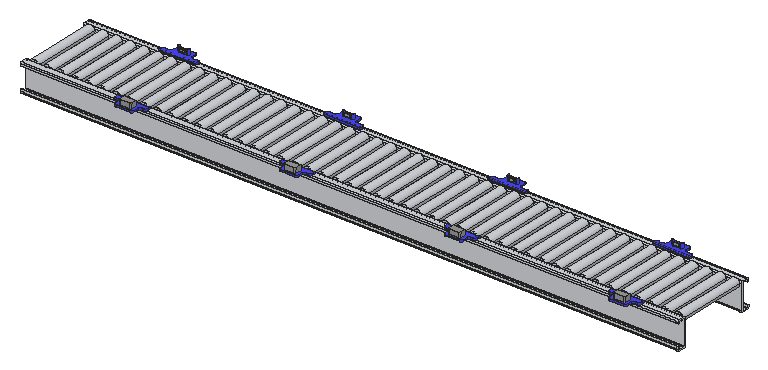
Revit family "C351", category Specialty Equipment, Revit 2025
Family settings
  Round Connector Dimension = Use Diameter
  Part Type = Normal
  Work Plane-Based = No
  Enable Cutting in Views = No
  Always vertical = Yes
  Cut with Voids When Loaded = No
  Maintain Annotation Orientation = No
  Shared = No
  Room Calculation Point = No
Parameters (values of type "C351- 18"")
  Weight [instance] = 0
  Version = ""
  Subsystem [instance] = ""
  Special_Part_Number [instance] = ""
  Special_Description [instance] = ""
  Special_Bed [instance] = no
  Segment [instance] = ""
  SIO_Block_Number [instance] = ""
  SENSOR_ARRY_NUM [instance] = round(CLR_BED_LENGTH / CLR_ZONES)  # 4
  SENSOR_ARRY [instance] = CLR_ZONES + CLR_SENSOR_SKEW  # 4' - 4"
  PHOTO_EYE_ARRAY [instance] = CLR_ZONES + CLR_PhotoEye_SP  # 4' - 0"
  Material_Number [instance] = ""
  MCP [instance] = ""
  Lookup Table Name BCL [instance] = "BOTTOM_COVER_BCL"
  Lookup Table Name BCAN [instance] = "BOTTOM_COVER_ARRAY_NUM"
  Lookup Table Name [instance] = "PHOTO_EYE"
  Load_Envelope_Height [instance] = 1' - 0"
  Load_Envelope [instance] = no
  IO_Block_Number [instance] = ""
  Field_Cut [instance] = no
  Estop_Zone [instance] = ""
  Error_State [instance] = no
  Default Elevation = 0' - 0"
  Conveyor_Number [instance] = "100"
  Conveyor_Elevation_Out [instance] = Conveyor_Elevation_In  # 2' - 6"
  Conveyor_Elevation_In [instance] = 2' - 6"
  CLR_ZONE_CONTROL = "N"
  CLR_ZONES [instance] = 3' - 0"
  CLR_VFD = no
  CLR_TE_POSITION = "N"
  CLR_TAKE_UP_SPRING_QUANTITY = 0
  CLR_TAKE_UP = "N"
  CLR_SUBCLASS = ""
  CLR_SPRING_COVER [instance] = no
  CLR_SPEED_FPM = 0
  CLR_SLAVE_RATIO = "N"
  CLR_SENSOR_SKEW [instance] = size_lookup(Lookup Table Name, "CSS", CLR_PhotoEye_SP, CLR_NOMINAL_WIDTH, CLR_ZONES, CLR_SENSOR_ANGLE)  # 1' - 4"
  CLR_SENSOR_MOUNT [instance] = "Side"
  CLR_SENSOR_HAND [instance] = "Left"
  CLR_SENSOR_ANGLE [instance] = 9.00°
  CLR_ROLLER_NUM [instance] = CLR_BED_LENGTH / CLR_ROLLER_CENTER  # 48
  CLR_ROLLER_CENTER [instance] = 0' - 3"
  CLR_PhotoEye_SP [instance] = if(CLR_ZONES = 3' 0", 1' 0", if(CLR_ZONES = 2' 0", 0' 8", 0' 8"))  # 1' - 0"
  CLR_PULLEY_TYPE = "N"
  CLR_POPOUT_CARRYING_ROLLERS [instance] = no
  CLR_NOMINAL_WIDTH + 1" [instance] = CLR_NOMINAL_WIDTH + 0' 1"  # 1' - 7"
  CLR_NOMINAL_WIDTH  -2.5" [instance] = CLR_NOMINAL_WIDTH - 0' 2 1/2"  # 1' - 3 1/2"
  CLR_NOMINAL_WIDTH [instance] = if(Bed_Width = 1' 6", 1' 6", if(Bed_Width = 2' 0", 2' 0", if(Bed_Width = 2' 6", 2' 6", if(Bed_Width = 3' 0", 3' 0", if(Bed_Width = 3' 6", 3' 6", 1' 6")))))  # 1' - 6"
  CLR_MOTOR_VOLTAGE = "N"
  CLR_MOTOR_TYPE = "N"
  CLR_MOTOR_HP = 0
  CLR_MODULE = ""
  CLR_LIFTER_ROLLER_CENTER [instance] = 0' - 6"
  CLR_FINGER_GUARD [instance] = no
  CLR_DRIVE_TRAIN_TYPE = "N"
  CLR_DRIVE_SIZE = 0
  CLR_CONTROL_VOLTAGE = "N"
  CLR_CONTROL_DEVICE = "N"
  CLR_CONNECTION_KIT = "N"
  CLR_CARRYING_ROLLER [instance] = "Standard\r\nStandard\r\nStandard"
  CLR_BOTTOM_COVERS [instance] = no
  CLR_BED_LENGTH [instance] = if(Bed_Length < 2' 0", 2' 0", if(Bed_Length > 12' 0", 12' 0", Bed_Length))  # 12' - 0"
  CLR_ASSEMBLY_HAND = "N"
  CLR_AIR_BRAKE = 0
  Belting [instance] = if(Bed_Width = 1' 6", 0' 8", if(Bed_Width = 2' 0", 0' 8", if(Bed_Width = 2' 6", 0' 8", if(Bed_Width = 3' 0", 0' 8", if(Bed_Width = 3' 6", 0' 8", 0' 8")))))  # 0' - 8"
  Bed_Width [instance] = 1' - 6"
  Bed_Length [instance] = 12' - 0"
  BOTTOM_COVER_ARRAY_NUM [instance] = size_lookup(Lookup Table Name BCAN, "BCAN", 1, CLR_BED_LENGTH)  # 4
  BOTTOM_COVERS_LOCATION [instance] = BOTTOM_COVERS_LENGTH + BOTTOM_COVERS_LENGTH / 2  # 4' - 6"
  BOTTOM_COVERS_LENGTH [instance] = size_lookup(Lookup Table Name BCL, "BCL", 2' 0", CLR_BED_LENGTH, BOTTOM_COVER_ARRAY_NUM)  # 3' - 0"
  Asset ID [instance] = ""
  Air_Consumption [instance] = 0
Types (5): name | SENSOR_ARRY | CLR_SENSOR_SKEW | CLR_NOMINAL_WIDTH + 1" | CLR_NOMINAL_WIDTH  -2.5" | CLR_NOMINAL_WIDTH | Bed_Width
  C351- 18" | 4' - 4" | 1' - 4" | 1' - 7" | 1' - 3 1/2" | 1' - 6" | 1' - 6"
  C351- 24" | 4' - 4" | 1' - 4" | 2' - 1" | 1' - 9 1/2" | 2' - 0" | 2' - 0"
  C351- 30" | 4' - 6" | 1' - 6" | 2' - 7" | 2' - 3 1/2" | 2' - 6" | 2' - 6"
  C351- 36" | 4' - 6" | 1' - 6" | 3' - 1" | 2' - 9 1/2" | 3' - 0" | 3' - 0"
  C351- 42" | 4' - 8" | 1' - 8" | 3' - 7" | 3' - 3 1/2" | 3' - 6" | 3' - 6"
Reference planes (in)
  plane 1 "Centerline": y = 0
  plane 2: z = 0
  plane 3 "Entry_End": x = 0
  plane 4 "Top_of_Roller": z = 30
  plane 5 "Top_of_SideFrame": z = 29.71
  plane 6 "Bot_of_SideFrame": z = 23.71
  plane 7 "LH_Out": y = 9.5
  plane 8 "RH_Out": y = -9.5
  plane 9 "RH_In": y = -7.75
  plane 10 "LH_In": y = 7.75
  plane 11 "Exit_End": x = 144
  plane 12 "PhotoEye_SP": x = 132
  plane 13 "Sensor_Skew": x = 128
  plane 14: x = 60.81944
  plane 15: y = -38.13976
  plane 16: z = 30
  plane 17: z = 42
  plane 18: y = -7.75
  plane 19: y = 7.75
Forms (in)
  Extrusion 1, solid, detail levels coarse+medium
    sketch origin (0, 0, 0) x (0, 1, 0) y (0, 0, 1)
      loop
        line (9.5, 29.71) -> (-9.5, 29.71) -> (-9.5, 23.71) -> (9.5, 23.71) -> (9.5, 29.71)
    from 0 to 144
  Extrusion 2, solid, material "Load Envelope", visible <- "Load_Envelope"
    sketch origin (0, 0, 0) x (0, 1, 0) y (0, 0, 1)
      loop
        line (7.75, 42) -> (-7.75, 42) -> (-7.75, 30) -> (7.75, 30) -> (7.75, 42)
    from 0 to 144
Lines and regions (in)
  model lines, style "Belt"
    curve 1: line (0, 4, 30) -> (144, 4, 30)
    curve 2: line (0, -4, 30) -> (0, 4, 30)
    curve 3: line (144, -4, 30) -> (0, -4, 30)
    curve 4: line (144, 4, 30) -> (144, -4, 30)
  model lines, style "Centerline"
    curve 5: line (0, 0, 30) -> (144, 0, 30)
  model lines, style "Flow Arrow", not visible
    curve 6: line (108.81944, -38.13976, 30) -> (132.81944, -38.13976, 30)
    curve 7: line (132.81944, -38.13976, 30) -> (122.42713, -32.13976, 30)
    curve 8: line (132.81944, -38.13976, 30) -> (122.42713, -44.13976, 30)
Dimensions and locks (in)
  equal spacing: plane 10 "LH_In", plane 1 "Centerline", plane 9 "RH_In"
  "CLR_NOMINAL_WIDTH  -2.5"": plane 10 "LH_In" to plane 9 "RH_In"
  equal spacing: plane 7 "LH_Out", plane 1 "Centerline", plane 8 "RH_Out"
  "CLR_NOMINAL_WIDTH + 1"": plane 7 "LH_Out" to plane 8 "RH_Out"
  "Conveyor_Elevation_In": plane 4 "Top_of_Roller" to level
  locked: plane 4 "Top_of_Roller" to plane 5 "Top_of_SideFrame" at 0.29
  locked: plane 5 "Top_of_SideFrame" to plane 6 "Bot_of_SideFrame" at 6
  locked: nested 1 to plane 6 "Bot_of_SideFrame"
  locked: nested 1 to plane 10 "LH_In"
  locked: plane 6 "Bot_of_SideFrame" to nested 2
  locked: plane 9 "RH_In" to nested 2
  locked: plane 3 "Entry_End" to nested 3 at 1.5
  locked: plane 4 "Top_of_Roller" to nested 3
  equal spacing: group 1, group 2, group 3, group 4, group 5, group 6, group 7, group 8, group 14, group 15, group 16, group 17, group 18, group 19, group 20, group 21, group 22, group 23, group 24, group 25, group 26, group 27, group 28, group 29, group 30, group 31, group 32, group 33, group 34, group 35, group 36, group 37, group 38, group 39, group 40, group 41, group 42, group 43, group 44, group 45, group 46, group 47, group 48, group 49, group 50, group 51, group 52, group 53  (x2)
  equal spacing: group 53, group 52, group 51, group 50, group 49, group 48, group 47, group 46, group 45, group 44, group 43, group 42, group 41, group 40, group 39, group 38, group 37, group 36, group 35, group 34, group 33, group 32, group 31, group 30, group 29, group 28, group 27, group 26, group 25, group 24, group 23, group 22, group 21, group 20, group 19, group 18, group 17, group 16, group 15, group 14, group 8, group 7, group 6, group 5, group 4, group 3, group 2, group 1
  locked: plane 3 "Entry_End" to nested 4 at 4.5
  "CLR_BED_LENGTH": plane 3 "Entry_End" to plane 11 "Exit_End"
  "CLR_PhotoEye_SP": plane 11 "Exit_End" to plane 12 "PhotoEye_SP"
  "CLR_SENSOR_SKEW": plane 11 "Exit_End" to plane 13 "Sensor_Skew"
  equal spacing: group 55, group 54, group 10, group 9  (x3)
  "SENSOR_ARRY": nested 12 to plane 11 "Exit_End"
  locked: plane 5 "Top_of_SideFrame" to nested 11
  locked: plane 8 "RH_Out" to nested 13
  equal spacing: group 57, group 56, group 12, group 11  (x2)
  equal spacing: group 11, group 12, group 56, group 57
  "PHOTO_EYE_ARRAY": nested 14 to plane 11 "Exit_End"
  locked: plane 5 "Top_of_SideFrame" to nested 13
  equal spacing: curve 3, plane 1 "Centerline", curve 1
  "Belting": curve 3 to curve 1
  equal spacing: plane 19, plane 1 "Centerline", plane 18
  "CLR_NOMINAL_WIDTH  -2.5"": plane 19 to plane 18
  "Load_Envelope_Height": plane 17 to plane 16
  locked: plane 8 "RH_Out" to nested 58
  locked: nested 56 to plane 7 "LH_Out"
  locked: plane 3 "Entry_End" to nested 59
  equal spacing: group 58, group 59, group 60, group 61  (x2)
  equal spacing: group 61, group 60, group 59, group 58
  "BOTTOM_COVERS_LOCATION": nested 60 to plane 3 "Entry_End"
  aligned and locked: level to plane 2
  aligned and locked: plane 3 "Entry_End" to nested 1
  aligned and locked: plane 3 "Entry_End" to nested 2
  aligned and locked: plane 1 "Centerline" to nested 3
  aligned and locked: nested 11 to plane 13 "Sensor_Skew"
  aligned and locked: plane 7 "LH_Out" to nested 11
  aligned and locked: plane 12 "PhotoEye_SP" to nested 13
  aligned and locked: plane 3 "Entry_End" to curve 2
  aligned and locked: curve 4 to plane 11 "Exit_End"
  aligned and locked: Extrusion 1 to plane 7 "LH_Out"
  aligned and locked: plane 5 "Top_of_SideFrame" to Extrusion 1
  aligned and locked: Extrusion 1 to plane 6 "Bot_of_SideFrame"
  aligned and locked: plane 11 "Exit_End" to Extrusion 1
  aligned and locked: plane 4 "Top_of_Roller" to plane 16
  aligned and locked: plane 17 to Extrusion 2 sketch curve
  aligned and locked: Extrusion 2 sketch curve to plane 10 "LH_In"
  aligned and locked: Extrusion 2 sketch curve to nested 3  (x2)
  aligned and locked: plane 11 "Exit_End" to Extrusion 2
  aligned and locked: plane 4 "Top_of_Roller" to nested 54
  aligned and locked: plane 5 "Top_of_SideFrame" to nested 56
  aligned and locked: plane 5 "Top_of_SideFrame" to nested 58
  aligned and locked: nested 59 to plane 6 "Bot_of_SideFrame"
  aligned and locked: plane 1 "Centerline" to nested 59
  aligned and locked: nested 62 to plane 6 "Bot_of_SideFrame"
Automatic sketch dimensions
  plane 9 "RH_In" to Extrusion 1 sketch curve = 0' - 1 3/4"
  Extrusion 1 sketch curve to plane 10 "LH_In" = 0' - 1 3/4"
  Extrusion 1 sketch curve to plane 6 "Bot_of_SideFrame" = 0' - 0"
  plane 6 "Bot_of_SideFrame" to Extrusion 1 sketch curve = 0' - 6"
  plane 1 "Centerline" to curve 5 = 0' - 0"
Nested families (in)
  nested 1: "SW0024A" at (72, 8.625, -0.29) x (0, -1, 0) z (0, 0, 1), Bed_Length <- "CLR_BED_LENGTH", type "SW0024A", detail levels fine
    with Conveyor_Elevation_In 2' - 6", Bed_Length 12' - 0"
  nested 2: "SW0023A" at (72, -8.625, -0.29) x (0, -1, 0) z (0, 0, 1), Bed_Length <- "CLR_BED_LENGTH", type "SW0023A", detail levels fine
    with Conveyor_Elevation_In 2' - 6", Bed_Length 12' - 0"
  nested 3: "SW0289" at (1.5, 0, 0), B <- "CLR_NOMINAL_WIDTH  -2.5"", type "SW0289", detail levels fine
    with Conveyor_Elevation_In 2' - 6", B 1' - 3 1/2"
  nested 4: "SW0289" at (4.5, 0, 0), B <- "CLR_NOMINAL_WIDTH  -2.5"", type "SW0289", detail levels fine
    with Conveyor_Elevation_In 2' - 6", B 1' - 3 1/2"
  nested 5: "SW0289" at (7.5, 0, 0), B <- "CLR_NOMINAL_WIDTH  -2.5"", type "SW0289", detail levels fine
    with Conveyor_Elevation_In 2' - 6", B 1' - 3 1/2"
  nested 6: "SW0289" at (10.5, 0, 0), B <- "CLR_NOMINAL_WIDTH  -2.5"", type "SW0289", detail levels fine
    with Conveyor_Elevation_In 2' - 6", B 1' - 3 1/2"
  nested 7: "SW0289" at (13.5, 0, 0), B <- "CLR_NOMINAL_WIDTH  -2.5"", type "SW0289", detail levels fine
    with Conveyor_Elevation_In 2' - 6", B 1' - 3 1/2"
  nested 8: "SW0289" at (16.5, 0, 0), B <- "CLR_NOMINAL_WIDTH  -2.5"", type "SW0289", detail levels fine
    with Conveyor_Elevation_In 2' - 6", B 1' - 3 1/2"
  nested 9: "SW0289" at (19.5, 0, 0), B <- "CLR_NOMINAL_WIDTH  -2.5"", type "SW0289", detail levels fine
    with Conveyor_Elevation_In 2' - 6", B 1' - 3 1/2"
  nested 10: "SW0289" at (22.5, 0, 0), B <- "CLR_NOMINAL_WIDTH  -2.5"", type "SW0289", detail levels fine
    with Conveyor_Elevation_In 2' - 6", B 1' - 3 1/2"
  nested 11: "SW0014" at (128, 9.5, -0.00094), type "SW0014"
  nested 12: "SW0014" at (92, 9.5, -0.00094), type "SW0014"
  nested 13: "SW0037-01" at (132, -9.5, -0.00094), type "SW0037-01"
    with Conveyor_Elevation_In 2' - 5 91/128"
  nested 14: "SW0037-01" at (96, -9.5, -0.00094), type "SW0037-01"
    with Conveyor_Elevation_In 2' - 5 91/128"
  nested 15: "SW0289" at (25.5, 0, 0), B <- "CLR_NOMINAL_WIDTH  -2.5"", type "SW0289", detail levels fine
    with Conveyor_Elevation_In 2' - 6", B 1' - 3 1/2"
  nested 16: "SW0289" at (28.5, 0, 0), B <- "CLR_NOMINAL_WIDTH  -2.5"", type "SW0289", detail levels fine
    with Conveyor_Elevation_In 2' - 6", B 1' - 3 1/2"
  nested 17: "SW0289" at (31.5, 0, 0), B <- "CLR_NOMINAL_WIDTH  -2.5"", type "SW0289", detail levels fine
    with Conveyor_Elevation_In 2' - 6", B 1' - 3 1/2"
  nested 18: "SW0289" at (34.5, 0, 0), B <- "CLR_NOMINAL_WIDTH  -2.5"", type "SW0289", detail levels fine
    with Conveyor_Elevation_In 2' - 6", B 1' - 3 1/2"
  nested 19: "SW0289" at (37.5, 0, 0), B <- "CLR_NOMINAL_WIDTH  -2.5"", type "SW0289", detail levels fine
    with Conveyor_Elevation_In 2' - 6", B 1' - 3 1/2"
  nested 20: "SW0289" at (40.5, 0, 0), B <- "CLR_NOMINAL_WIDTH  -2.5"", type "SW0289", detail levels fine
    with Conveyor_Elevation_In 2' - 6", B 1' - 3 1/2"
  nested 21: "SW0289" at (43.5, 0, 0), B <- "CLR_NOMINAL_WIDTH  -2.5"", type "SW0289", detail levels fine
    with Conveyor_Elevation_In 2' - 6", B 1' - 3 1/2"
  nested 22: "SW0289" at (46.5, 0, 0), B <- "CLR_NOMINAL_WIDTH  -2.5"", type "SW0289", detail levels fine
    with Conveyor_Elevation_In 2' - 6", B 1' - 3 1/2"
  nested 23: "SW0289" at (49.5, 0, 0), B <- "CLR_NOMINAL_WIDTH  -2.5"", type "SW0289", detail levels fine
    with Conveyor_Elevation_In 2' - 6", B 1' - 3 1/2"
  nested 24: "SW0289" at (52.5, 0, 0), B <- "CLR_NOMINAL_WIDTH  -2.5"", type "SW0289", detail levels fine
    with Conveyor_Elevation_In 2' - 6", B 1' - 3 1/2"
  nested 25: "SW0289" at (55.5, 0, 0), B <- "CLR_NOMINAL_WIDTH  -2.5"", type "SW0289", detail levels fine
    with Conveyor_Elevation_In 2' - 6", B 1' - 3 1/2"
  nested 26: "SW0289" at (58.5, 0, 0), B <- "CLR_NOMINAL_WIDTH  -2.5"", type "SW0289", detail levels fine
    with Conveyor_Elevation_In 2' - 6", B 1' - 3 1/2"
  nested 27: "SW0289" at (61.5, 0, 0), B <- "CLR_NOMINAL_WIDTH  -2.5"", type "SW0289", detail levels fine
    with Conveyor_Elevation_In 2' - 6", B 1' - 3 1/2"
  nested 28: "SW0289" at (64.5, 0, 0), B <- "CLR_NOMINAL_WIDTH  -2.5"", type "SW0289", detail levels fine
    with Conveyor_Elevation_In 2' - 6", B 1' - 3 1/2"
  nested 29: "SW0289" at (67.5, 0, 0), B <- "CLR_NOMINAL_WIDTH  -2.5"", type "SW0289", detail levels fine
    with Conveyor_Elevation_In 2' - 6", B 1' - 3 1/2"
  nested 30: "SW0289" at (70.5, 0, 0), B <- "CLR_NOMINAL_WIDTH  -2.5"", type "SW0289", detail levels fine
    with Conveyor_Elevation_In 2' - 6", B 1' - 3 1/2"
  nested 31: "SW0289" at (73.5, 0, 0), B <- "CLR_NOMINAL_WIDTH  -2.5"", type "SW0289", detail levels fine
    with Conveyor_Elevation_In 2' - 6", B 1' - 3 1/2"
  nested 32: "SW0289" at (76.5, 0, 0), B <- "CLR_NOMINAL_WIDTH  -2.5"", type "SW0289", detail levels fine
    with Conveyor_Elevation_In 2' - 6", B 1' - 3 1/2"
  nested 33: "SW0289" at (79.5, 0, 0), B <- "CLR_NOMINAL_WIDTH  -2.5"", type "SW0289", detail levels fine
    with Conveyor_Elevation_In 2' - 6", B 1' - 3 1/2"
  nested 34: "SW0289" at (82.5, 0, 0), B <- "CLR_NOMINAL_WIDTH  -2.5"", type "SW0289", detail levels fine
    with Conveyor_Elevation_In 2' - 6", B 1' - 3 1/2"
  nested 35: "SW0289" at (85.5, 0, 0), B <- "CLR_NOMINAL_WIDTH  -2.5"", type "SW0289", detail levels fine
    with Conveyor_Elevation_In 2' - 6", B 1' - 3 1/2"
  nested 36: "SW0289" at (88.5, 0, 0), B <- "CLR_NOMINAL_WIDTH  -2.5"", type "SW0289", detail levels fine
    with Conveyor_Elevation_In 2' - 6", B 1' - 3 1/2"
  nested 37: "SW0289" at (91.5, 0, 0), B <- "CLR_NOMINAL_WIDTH  -2.5"", type "SW0289", detail levels fine
    with Conveyor_Elevation_In 2' - 6", B 1' - 3 1/2"
  nested 38: "SW0289" at (94.5, 0, 0), B <- "CLR_NOMINAL_WIDTH  -2.5"", type "SW0289", detail levels fine
    with Conveyor_Elevation_In 2' - 6", B 1' - 3 1/2"
  nested 39: "SW0289" at (97.5, 0, 0), B <- "CLR_NOMINAL_WIDTH  -2.5"", type "SW0289", detail levels fine
    with Conveyor_Elevation_In 2' - 6", B 1' - 3 1/2"
  nested 40: "SW0289" at (100.5, 0, 0), B <- "CLR_NOMINAL_WIDTH  -2.5"", type "SW0289", detail levels fine
    with Conveyor_Elevation_In 2' - 6", B 1' - 3 1/2"
  nested 41: "SW0289" at (103.5, 0, 0), B <- "CLR_NOMINAL_WIDTH  -2.5"", type "SW0289", detail levels fine
    with Conveyor_Elevation_In 2' - 6", B 1' - 3 1/2"
  nested 42: "SW0289" at (106.5, 0, 0), B <- "CLR_NOMINAL_WIDTH  -2.5"", type "SW0289", detail levels fine
    with Conveyor_Elevation_In 2' - 6", B 1' - 3 1/2"
  nested 43: "SW0289" at (109.5, 0, 0), B <- "CLR_NOMINAL_WIDTH  -2.5"", type "SW0289", detail levels fine
    with Conveyor_Elevation_In 2' - 6", B 1' - 3 1/2"
  nested 44: "SW0289" at (112.5, 0, 0), B <- "CLR_NOMINAL_WIDTH  -2.5"", type "SW0289", detail levels fine
    with Conveyor_Elevation_In 2' - 6", B 1' - 3 1/2"
  nested 45: "SW0289" at (115.5, 0, 0), B <- "CLR_NOMINAL_WIDTH  -2.5"", type "SW0289", detail levels fine
    with Conveyor_Elevation_In 2' - 6", B 1' - 3 1/2"
  nested 46: "SW0289" at (118.5, 0, 0), B <- "CLR_NOMINAL_WIDTH  -2.5"", type "SW0289", detail levels fine
    with Conveyor_Elevation_In 2' - 6", B 1' - 3 1/2"
  nested 47: "SW0289" at (121.5, 0, 0), B <- "CLR_NOMINAL_WIDTH  -2.5"", type "SW0289", detail levels fine
    with Conveyor_Elevation_In 2' - 6", B 1' - 3 1/2"
  nested 48: "SW0289" at (124.5, 0, 0), B <- "CLR_NOMINAL_WIDTH  -2.5"", type "SW0289", detail levels fine
    with Conveyor_Elevation_In 2' - 6", B 1' - 3 1/2"
  nested 49: "SW0289" at (127.5, 0, 0), B <- "CLR_NOMINAL_WIDTH  -2.5"", type "SW0289", detail levels fine
    with Conveyor_Elevation_In 2' - 6", B 1' - 3 1/2"
  nested 50: "SW0289" at (130.5, 0, 0), B <- "CLR_NOMINAL_WIDTH  -2.5"", type "SW0289", detail levels fine
    with Conveyor_Elevation_In 2' - 6", B 1' - 3 1/2"
  nested 51: "SW0289" at (133.5, 0, 0), B <- "CLR_NOMINAL_WIDTH  -2.5"", type "SW0289", detail levels fine
    with Conveyor_Elevation_In 2' - 6", B 1' - 3 1/2"
  nested 52: "SW0289" at (136.5, 0, 0), B <- "CLR_NOMINAL_WIDTH  -2.5"", type "SW0289", detail levels fine
    with Conveyor_Elevation_In 2' - 6", B 1' - 3 1/2"
  nested 53: "SW0289" at (139.5, 0, 0), B <- "CLR_NOMINAL_WIDTH  -2.5"", type "SW0289", detail levels fine
    with Conveyor_Elevation_In 2' - 6", B 1' - 3 1/2"
  nested 54: "SW0289" at (142.5, 0, 0), B <- "CLR_NOMINAL_WIDTH  -2.5"", type "SW0289", detail levels fine
    with Conveyor_Elevation_In 2' - 6", B 1' - 3 1/2"
  nested 55: "SW0014" at (56, 9.5, -0.00094), type "SW0014"
  nested 56: "SW0014" at (20, 9.5, -0.00094), type "SW0014"
  nested 57: "SW0037-01" at (60, -9.5, -0.00094), type "SW0037-01"
    with Conveyor_Elevation_In 2' - 5 91/128"
  nested 58: "SW0037-01" at (24, -9.5, -0.00094), type "SW0037-01"
    with Conveyor_Elevation_In 2' - 5 91/128"
  nested 59: "SW0046" at (18, 0, 0), CLR_NOMINAL_WIDTH <- "CLR_NOMINAL_WIDTH  -2.5"", bottom cover length <- "BOTTOM_COVERS_LENGTH", visible <- "CLR_BOTTOM_COVERS", type "SW0046", detail levels fine
    with bottom cover length 36.000", Nominal wedith 15.268", CLR_NOMINAL_WIDTH 1' - 3 1/2"
  nested 60: "SW0046" at (54, 0, 0), CLR_NOMINAL_WIDTH <- "CLR_NOMINAL_WIDTH  -2.5"", bottom cover length <- "BOTTOM_COVERS_LENGTH", visible <- "CLR_BOTTOM_COVERS", type "SW0046", detail levels fine
    with bottom cover length 36.000", Nominal wedith 15.268", CLR_NOMINAL_WIDTH 1' - 3 1/2"
  nested 61: "SW0046" at (90, 0, 0), CLR_NOMINAL_WIDTH <- "CLR_NOMINAL_WIDTH  -2.5"", bottom cover length <- "BOTTOM_COVERS_LENGTH", visible <- "CLR_BOTTOM_COVERS", type "SW0046", detail levels fine
    with bottom cover length 36.000", Nominal wedith 15.268", CLR_NOMINAL_WIDTH 1' - 3 1/2"
  nested 62: "SW0046" at (126, 0, 0), CLR_NOMINAL_WIDTH <- "CLR_NOMINAL_WIDTH  -2.5"", bottom cover length <- "BOTTOM_COVERS_LENGTH", visible <- "CLR_BOTTOM_COVERS", type "SW0046", detail levels fine
    with bottom cover length 36.000", Nominal wedith 15.268", CLR_NOMINAL_WIDTH 1' - 3 1/2"
Connectors (in)
  cabletrayconduit at (144, 0, 26.71), diameter 6
    settings: on Extrusion 1, index 1, connector width 1' - 0", connector height 1' - 0", connector angle 0.00°, system type 32, placement type 0, profile type 0, connector reference index -1, is primary connector yes, connector utility param no, connector description ""
  cabletrayconduit at (0, 0, 26.71), diameter 6
    settings: on Extrusion 1, index 2, connector width 1' - 0", connector height 1' - 0", connector angle 0.00°, system type 32, placement type 0, profile type 0, connector reference index -1, is primary connector no, connector utility param no, connector description ""
Definition of nested family "SW0024A"
  Parameters (values of type "SW0024A")
    Description = "SW0001A - 6.00 X 1.75 X \"A\" LG"
    Default Elevation = 0' - 0"
    Conveyor_Elevation_In [instance] = 2' - 6"
    Bed_Length [instance] = 12' - 0"
  Reference planes (in)
    plane 1 "Center (Front/Back)": y = 0
    plane 2: z = 0
    plane 3 "Centerline": x = 0
    plane 4 "Bot_of_SideFrame": z = 24
    plane 5 "Top_of_SideFrame": z = 30
    plane 6 "LH_Out": x = 0.875
    plane 7 "LH_In": x = -0.875
    plane 8 "Entry_End": y = -72
    plane 9 "Exit_End": y = 72
  Forms (in)
    Extrusion 1, solid
      sketch origin (0, 0, 0) x (1, 0, 0) y (0, 0, 1)
        loop
          arc (-0.615, 30) -> (-0.79885, 29.92385) -> (-0.875, 29.74) r 0.26
          line (-0.875, 29.74) -> (-0.875, 29.25) -> (-0.74609, 29.25) -> (-0.74609, 29.75109)
          arc (-0.74609, 29.75109) -> (-0.71095, 29.83595) -> (-0.62609, 29.87109) r 0.12
          line (-0.62609, 29.87109) -> (0.62609, 29.87109)
          arc (0.62609, 29.87109) -> (0.71095, 29.83595) -> (0.74609, 29.75109) r 0.12
          line (0.74609, 29.75109) -> (0.74609, 24.24891)
          arc (0.74609, 24.24891) -> (0.71095, 24.16405) -> (0.62609, 24.12891) r 0.12
          line (0.62609, 24.12891) -> (-0.62609, 24.12891)
          arc (-0.62609, 24.12891) -> (-0.71095, 24.16405) -> (-0.74609, 24.24891) r 0.12
          line (-0.74609, 24.24891) -> (-0.74609, 24.75) -> (-0.875, 24.75) -> (-0.875, 24.26)
          arc (-0.875, 24.26) -> (-0.79885, 24.07615) -> (-0.615, 24) r 0.26
          line (-0.615, 24) -> (0.615, 24)
          arc (0.615, 24) -> (0.79885, 24.07615) -> (0.875, 24.26) r 0.26
          line (0.875, 24.26) -> (0.875, 29.74)
          arc (0.875, 29.74) -> (0.79885, 29.92385) -> (0.615, 30) r 0.26
          line (0.615, 30) -> (-0.615, 30)
      from -72 to 72
  Dimensions and locks (in)
    "Conveyor_Elevation_In": plane 5 "Top_of_SideFrame" to level
    locked: plane 5 "Top_of_SideFrame" to plane 4 "Bot_of_SideFrame" at 6
    equal spacing: plane 6 "LH_Out", plane 3 "Centerline", plane 7 "LH_In"
    plane 6 "LH_Out" to plane 7 "LH_In" = 0' - 1 3/4"
    plane 6 "LH_Out" to plane 3 "Centerline" = 0' - 0 7/8"
    equal spacing: plane 9 "Exit_End", plane 1 "Center (Front/Back)", plane 8 "Entry_End"
    "Bed_Length": plane 9 "Exit_End" to plane 8 "Entry_End"
    aligned and locked: plane 2 to level
    aligned and locked: Extrusion 1 sketch curve to plane 5 "Top_of_SideFrame"
    aligned and locked: plane 7 "LH_In" to Extrusion 1 sketch curve
    aligned and locked: plane 4 "Bot_of_SideFrame" to Extrusion 1 sketch curve
    aligned and locked: plane 6 "LH_Out" to Extrusion 1 sketch curve
    aligned and locked: Extrusion 1 to plane 8 "Entry_End"
    aligned and locked: plane 9 "Exit_End" to Extrusion 1
  Automatic sketch dimensions
    Extrusion 1 sketch curve to plane 7 "LH_In" = 0' - 0"
    Extrusion 1 sketch curve to Extrusion 1 sketch curve = 0' - 0 33/256"  (x2)
    Extrusion 1 sketch curve to Extrusion 1 sketch curve = 0' - 0.12"  (x3)
    Extrusion 1 sketch curve to Extrusion 1 sketch curve = 0' - 0.01109"  (x5)
    Extrusion 1 sketch curve to plane 5 "Top_of_SideFrame" = 0' - 0.26"
    plane 6 "LH_Out" to Extrusion 1 sketch curve = 0' - 0.26"
    plane 4 "Bot_of_SideFrame" to Extrusion 1 sketch curve = 0' - 0 33/256"
    Extrusion 1 sketch curve to Extrusion 1 sketch curve = 0' - 0.49"  (x2)
Definition of nested family "SW0023A"
  Parameters (values of type "SW0023A")
    Description = "SW0001A - 6.00 X 1.75 X \"A\" LG"
    Default Elevation = 0' - 0"
    Conveyor_Elevation_In [instance] = 2' - 6"
    Bed_Length [instance] = 12' - 0"
  Reference planes (in)
    plane 1 "Center (Front/Back)": y = 0
    plane 2: z = 0
    plane 3 "CenterLine": x = 0
    plane 4 "Bot_of_SideFrame": z = 24
    plane 5 "Top_of_SideFrame": z = 30
    plane 6 "RH_OUT": x = 0.875
    plane 7 "RH_IN": x = -0.875
    plane 8 "Entry_End": y = -72
    plane 9 "Exit_End": y = 72
  Forms (in)
    Extrusion 1, solid
      sketch origin (0, 0, 0) x (1, 0, 0) y (0, 0, 1)
        loop
          arc (-0.615, 30) -> (-0.79885, 29.92385) -> (-0.875, 29.74) r 0.26
          line (-0.875, 29.74) -> (-0.875, 24.26)
          arc (-0.875, 24.26) -> (-0.79885, 24.07615) -> (-0.615, 24) r 0.26
          line (-0.615, 24) -> (0.615, 24)
          arc (0.615, 24) -> (0.79885, 24.07615) -> (0.875, 24.26) r 0.26
          line (0.875, 24.26) -> (0.875, 24.75) -> (0.74219, 24.75) -> (0.74219, 24.25281)
          arc (0.74219, 24.25281) -> (0.70704, 24.16796) -> (0.62219, 24.13281) r 0.12
          line (0.62219, 24.13281) -> (-0.62219, 24.13281)
          arc (-0.62219, 24.13281) -> (-0.70704, 24.16796) -> (-0.74219, 24.25281) r 0.12
          line (-0.74219, 24.25281) -> (-0.74219, 29.74719)
          arc (-0.74219, 29.74719) -> (-0.70704, 29.83204) -> (-0.62219, 29.86719) r 0.12
          line (-0.62219, 29.86719) -> (0.62219, 29.86719)
          arc (0.62219, 29.86719) -> (0.70704, 29.83204) -> (0.74219, 29.74719) r 0.12
          line (0.74219, 29.74719) -> (0.74219, 29.25) -> (0.875, 29.25) -> (0.875, 29.74)
          arc (0.875, 29.74) -> (0.79885, 29.92385) -> (0.615, 30) r 0.26
          line (0.615, 30) -> (-0.615, 30)
      from -72 to 72
  Dimensions and locks (in)
    equal spacing: plane 6 "RH_OUT", plane 3 "CenterLine", plane 7 "RH_IN", locked at 0.875 each
    "Conveyor_Elevation_In": plane 5 "Top_of_SideFrame" to level
    locked: plane 5 "Top_of_SideFrame" to plane 4 "Bot_of_SideFrame" at 6
    plane 6 "RH_OUT" to plane 7 "RH_IN" = 0' - 1 3/4"
    equal spacing: plane 9 "Exit_End", plane 1 "Center (Front/Back)", plane 8 "Entry_End"
    "Bed_Length": plane 9 "Exit_End" to plane 8 "Entry_End"
    aligned and locked: plane 2 to level
    aligned and locked: Extrusion 1 to plane 8 "Entry_End"
    aligned and locked: plane 9 "Exit_End" to Extrusion 1
  Automatic sketch dimensions
    Extrusion 1 sketch curve to plane 7 "RH_IN" = 0' - 0"
    Extrusion 1 sketch curve to plane 4 "Bot_of_SideFrame" = 0' - 0"
    Extrusion 1 sketch curve to plane 5 "Top_of_SideFrame" = 0' - 0"
    Extrusion 1 sketch curve to plane 6 "RH_OUT" = 0' - 0"  (x2)
    Extrusion 1 sketch curve to Extrusion 1 sketch curve = 0' - 0.12"  (x3)
    Extrusion 1 sketch curve to Extrusion 1 sketch curve = 0' - 0.00719"  (x9)
    Extrusion 1 sketch curve to plane 6 "RH_OUT" = 0' - 0 17/128"
    Extrusion 1 sketch curve to Extrusion 1 sketch curve = 0' - 0.12719"
    Extrusion 1 sketch curve to Extrusion 1 sketch curve = 0' - 0.49719"
    Extrusion 1 sketch curve to Extrusion 1 sketch curve = 0' - 0.49"
    Extrusion 1 sketch curve to Extrusion 1 sketch curve = 0' - 0"
    plane 7 "RH_IN" to Extrusion 1 sketch curve = 0' - 0 17/128"
Definition of nested family "SW0289"
  Parameters (values of type "SW0289")
    Default Elevation = 0' - 0"
    Conveyor_Elevation_In [instance] = 2' - 6"
    B [instance] = 2' - 3 1/2"
  Reference planes (in)
    plane 1 "Center (Front/Back)": y = 0
    plane 2: z = 0
    plane 3 "Center (Left/Right)": x = 0
    plane 4 "Top_of_Roller": z = 30
    plane 5 "RH_In": y = -13.75
    plane 6 "LH_In": y = 13.75
    plane 7: z = 29.0625
  Forms (in)
    Extrusion 1, solid
      sketch origin (0, 0, 1.0625) x (1, 0, 0) y (0, 0, 1)
        loop
          circle (0, 28) r 0.9375
      from -13.75 to 13.75
  Dimensions and locks (in)
    "Conveyor_Elevation_In": plane 4 "Top_of_Roller" to level
    plane 4 "Top_of_Roller" to Extrusion 1 sketch curve = 0' - 0 15/16"
    equal spacing: plane 6 "LH_In", plane 1 "Center (Front/Back)", plane 5 "RH_In"
    "B": plane 6 "LH_In" to plane 5 "RH_In"
    locked: plane 4 "Top_of_Roller" to plane 7 at 0.9375
    diameter of Extrusion 1 sketch curve = 0' - 1 7/8"
    aligned and locked: level to plane 2
    aligned and locked: Extrusion 1 to plane 5 "RH_In"
    aligned and locked: plane 6 "LH_In" to Extrusion 1
    aligned and locked: plane 7 to Extrusion 1
  Automatic sketch dimensions
    Extrusion 1 sketch curve to plane 3 "Center (Left/Right)" = 0' - 0"
Definition of nested family "SW0014"
  Parameters (values of type "SW0014")
    Default Elevation = 4' - 0"
    Conveyor_Elevation_In = 2' - 5 91/128"
  Reference planes (in)
    plane 1 "Center (Front/Back)": y = 0
    plane 2: z = 0
    plane 3 "Center (Left/Right)": x = 0
    plane 4: y = 1.88
    plane 5: x = 4
    plane 6: x = -4
    plane 7: y = -1.13
    plane 8: x = -1.25
    plane 9: x = 1.25
    plane 10: z = 30.47656
    plane 11 "Top_of_SideFrame": z = 29.71094
  Forms (in)
    Extrusion 1, solid
      sketch origin (0, 0, 0) x (1, 0, 0) y (0, 1, 0)
        loop
          line (-4, -1.13) -> (4, -1.13) -> (4, -0.5)
          arc (4, -0.5) -> (3.85355, -0.14645) -> (3.5, 0) r 0.5
          line (3.5, 0) -> (2.5, 0)
          arc (2.5, 0) -> (2.14645, 0.14645) -> (2, 0.5) r 0.5
          line (2, 0.5) -> (2, 1.38)
          arc (2, 1.38) -> (1.85355, 1.73355) -> (1.5, 1.88) r 0.5
          line (1.5, 1.88) -> (-1.5, 1.88)
          arc (-1.5, 1.88) -> (-1.85355, 1.73355) -> (-2, 1.38) r 0.5
          line (-2, 1.38) -> (-2, 0.5)
          arc (-2, 0.5) -> (-2.14645, 0.14645) -> (-2.5, 0) r 0.5
          line (-2.5, 0) -> (-3.5, 0)
          arc (-3.5, 0) -> (-3.85355, -0.14645) -> (-4, -0.5) r 0.5
          line (-4, -0.5) -> (-4, -1.13)
      from 29.71094 to 30
    Extrusion 2, solid
      sketch origin (0, 0, 30) x (1, 0, 0) y (0, 1, 0)
        loop
          line (-1.25, 0.75) -> (-0.96967, 0.46967)
          arc (-0.96967, 0.46967) -> (-0.88856, 0.41548) -> (-0.79289, 0.39645) r 0.25
          line (-0.79289, 0.39645) -> (0.79289, 0.39645)
          arc (0.79289, 0.39645) -> (0.88856, 0.41548) -> (0.96967, 0.46967) r 0.25
          line (0.96967, 0.46967) -> (1.25, 0.75) -> (1.11261, 0.88739) -> (0.88919, 0.66397)
          arc (0.88919, 0.66397) -> (0.80808, 0.60978) -> (0.71241, 0.59075) r 0.25
          line (0.71241, 0.59075) -> (-0.71241, 0.59075)
          arc (-0.71241, 0.59075) -> (-0.80808, 0.60978) -> (-0.88919, 0.66397) r 0.25
          line (-0.88919, 0.66397) -> (-1.11261, 0.88739) -> (-1.25, 0.75)
      from 0 to 0.94922
    Extrusion 3, solid
      sketch origin (0.89645, 0.39645, 29.47656) x (-1, 0, 0) y (0, 0, -1)
        loop
          line (1.39645, -1.26562) -> (1.39645, -0.73437) -> (0.39645, -0.73437) -> (0.39645, -1.26562) -> (1.39645, -1.26562)
      from 0 to 0.06578
  Dimensions and locks (in)
    equal spacing: plane 6, plane 3 "Center (Left/Right)", plane 5
    equal spacing: Extrusion 1 sketch curve, plane 3 "Center (Left/Right)", Extrusion 1 sketch curve
    equal spacing: Extrusion 3 sketch curve, plane 3 "Center (Left/Right)", Extrusion 3 sketch curve
    equal spacing: Extrusion 3 sketch curve, plane 10, Extrusion 3 sketch curve
    Extrusion 3 sketch curve to Extrusion 3 sketch curve = 0' - 1"
    Extrusion 3 sketch curve to Extrusion 3 sketch curve = 0' - 0 17/32"
    Extrusion 1 sketch curve to Extrusion 1 sketch curve = 0' - 4"
    plane 1 "Center (Front/Back)" to plane 4 = 0' - 1.88"
    plane 6 to plane 5 = 0' - 8"
    plane 1 "Center (Front/Back)" to plane 7 = 0' - 1.13"
    "Conveyor_Elevation_In": plane 11 "Top_of_SideFrame" to level
    locked: Extrusion 1 to plane 11 "Top_of_SideFrame" at 0.28906
    locked: Extrusion 1 to Extrusion 3 at 0.5
    aligned and locked: plane 2 to level
    aligned and locked: Extrusion 1 sketch curve to plane 4
    aligned and locked: plane 5 to Extrusion 1 sketch curve
    aligned and locked: Extrusion 1 sketch curve to plane 7
    aligned and locked: plane 11 "Top_of_SideFrame" to Extrusion 1
  Automatic sketch dimensions
    Extrusion 1 sketch curve to plane 6 = 0' - 0"
    plane 1 "Center (Front/Back)" to Extrusion 1 sketch curve = 0' - 0"  (x2)
    Extrusion 1 sketch curve to Extrusion 1 sketch curve = 0' - 0 1/2"  (x4)
    Extrusion 1 sketch curve to plane 1 "Center (Front/Back)" = 0' - 0 1/2"
    Extrusion 1 sketch curve to plane 4 = 0' - 0 1/2"
    Extrusion 2 sketch curve to Extrusion 1 = 0' - 0 3/4"
    Extrusion 2 sketch curve to Extrusion 2 sketch curve = 0' - 0.13739"
    Extrusion 1 to Extrusion 2 sketch curve = 0' - 0.46967"  (x2)
    Extrusion 2 sketch curve to Extrusion 2 sketch curve = 0' - 0.28033"
    Extrusion 1 to Extrusion 2 sketch curve = 0' - 0.66397"  (x2)
    Extrusion 2 sketch curve to Extrusion 2 sketch curve = 0' - 0.08048"  (x3)
    Extrusion 2 sketch curve to Extrusion 2 sketch curve = 0' - 0.17678"  (x2)
    Extrusion 2 sketch curve to Extrusion 1 = 0' - 1.28759"
    Extrusion 2 sketch curve to Extrusion 2 sketch curve = 0' - 0.0963"
    Extrusion 2 sketch curve to Extrusion 2 sketch curve = 0' - 0.22342"
    Extrusion 1 to Extrusion 2 sketch curve = 0' - 0 3/4"
    Extrusion 2 sketch curve to Extrusion 2 sketch curve = 0' - 0.07322"
    Extrusion 2 sketch curve to Extrusion 2 sketch curve = 0' - 0.0557"
Definition of nested family "SW0037-01"
  Parameters (values of type "SW0037-01")
    Default Elevation = 4' - 0"
    Conveyor_Elevation_In [instance] = 2' - 5 91/128"
  Reference planes (in)
    plane 1 "Center (Front/Back)": y = 0
    plane 2: z = 0
    plane 3 "Center (Left/Right)": x = 0
    plane 4: y = -1.87
    plane 5: x = -3.5
    plane 6: x = 3.5
    plane 7: y = 1.13
    plane 8: y = 0.6875
    plane 9: z = 1.09766
    plane 10 "Top_of_SideFrame": z = 29.71094
  Forms (in)
    Extrusion 1, solid
      sketch origin (0, 0, 0) x (-1, 0, 0) y (0, -1, 0)
        loop
          line (-3.5, -0.5) -> (-3.5, -1.13) -> (3.5, -1.13) -> (3.5, -0.5)
          arc (3.5, -0.5) -> (3.35355, -0.14645) -> (3, 0) r 0.5
          line (3, 0) -> (2.5, 0)
          arc (2.5, 0) -> (2.14645, 0.14645) -> (2, 0.5) r 0.5
          line (2, 0.5) -> (2, 1.37)
          arc (2, 1.37) -> (1.85355, 1.72355) -> (1.5, 1.87) r 0.5
          line (1.5, 1.87) -> (-1.5, 1.87)
          arc (-1.5, 1.87) -> (-1.85355, 1.72355) -> (-2, 1.37) r 0.5
          line (-2, 1.37) -> (-2, 0.5)
          arc (-2, 0.5) -> (-2.14645, 0.14645) -> (-2.5, 0) r 0.5
          line (-2.5, 0) -> (-3, 0)
          arc (-3, 0) -> (-3.35355, -0.14645) -> (-3.5, -0.5) r 0.5
      from 29.71094 to 30
    Extrusion 2, solid
      sketch origin (0, 0, 0) x (1, 0, 0) y (0, 1, 0)
        loop
          line (-1.25, 0) -> (-1.25, -1.125)
          arc (-1.25, -1.125) -> (-1.17678, -1.30178) -> (-1, -1.375) r 0.25
          line (-1, -1.375) -> (1, -1.375)
          arc (1, -1.375) -> (1.17678, -1.30178) -> (1.25, -1.125) r 0.25
          line (1.25, -1.125) -> (1.25, 0) -> (-1.25, 0)
      from 30 to 31.05078
    Extrusion 3, solid
      sketch origin (-1.36459, 0, 0) x (1, 0, 0) y (0, 0, -1)
        loop
          circle (1.36459, -30.55078) r 0.25
      from 0 to 0.08951
  Dimensions and locks (in)
    equal spacing: Extrusion 1 sketch curve, plane 3 "Center (Left/Right)", Extrusion 1 sketch curve
    equal spacing: Extrusion 2 sketch curve, plane 3 "Center (Left/Right)", Extrusion 2 sketch curve
    locked: plane 4 to plane 1 "Center (Front/Back)" at 1.87
    plane 1 "Center (Front/Back)" to Extrusion 1 sketch curve = 0' - 1.13"
    equal spacing: plane 5, plane 3 "Center (Left/Right)", plane 6
    plane 5 to plane 6 = 0' - 7"
    Extrusion 1 sketch curve to Extrusion 1 sketch curve = 0' - 4"
    "Conveyor_Elevation_In": plane 10 "Top_of_SideFrame" to level
    Extrusion 2 to Extrusion 3 sketch curve = 0' - 0 1/2"
    aligned and locked: plane 2 to level
    aligned and locked: Extrusion 1 sketch curve to plane 4
  Automatic sketch dimensions
    Extrusion 1 sketch curve to plane 6 = 0' - 0"
    plane 1 "Center (Front/Back)" to Extrusion 1 sketch curve = 0' - 0"  (x2)
    Extrusion 1 sketch curve to plane 5 = 0' - 0"
    plane 6 to Extrusion 1 sketch curve = 0' - 0 1/2"
    Extrusion 1 sketch curve to Extrusion 1 sketch curve = 0' - 0 1/2"  (x3)
    Extrusion 1 sketch curve to plane 4 = 0' - 0 1/2"
    Extrusion 1 sketch curve to plane 8 = 0' - 0 3/16"
    plane 1 "Center (Front/Back)" to Extrusion 2 sketch curve = 0' - 0"
    Extrusion 2 sketch curve to plane 3 "Center (Left/Right)" = 0' - 1 1/4"
    Extrusion 2 sketch curve to Extrusion 2 sketch curve = 0' - 0 1/4"  (x2)
    plane 1 "Center (Front/Back)" to Extrusion 2 sketch curve = 0' - 1 1/8"
    Extrusion 3 sketch curve to Extrusion 2 = 0' - 1 1/4"
    radius of Extrusion 3 sketch curve = 0' - 0 1/4"
Definition of nested family "SW0046"
  Parameters (values of type "SW0046")
    Default Elevation = 0' - 0"
    bottom cover length [instance] = 36.000"
    Nominal wedith [instance] = CLR_NOMINAL_WIDTH - 0.116" - 0.116"  # 11.768"
    CLR_NOMINAL_WIDTH [instance] = 1' - 0"
  Reference planes (in)
    plane 1 "Center (Front/Back)": y = 0
    plane 2: z = 0
    plane 3 "Center (Left/Right)": x = 0
    plane 4: y = 5.884
    plane 5: y = -5.884
    plane 6: x = 18
    plane 7: x = -18
    plane 8 "Bot_of_SideFrame": z = 23.71
    plane 9: y = 6
    plane 10: y = 5.9229
    plane 11: z = 24.71
    plane 12: z = 23.71
    plane 13: y = 5.884
    plane 14: z = 23.7871
    plane 15: x = 13.8
    plane 16: x = -13.8
    plane 17: y = -6
    plane 18: y = -5.9229
    plane 19: z = 24.71
    plane 20: z = 23.71
    plane 21: y = -5.884
    plane 22: z = 23.7871
  Forms (in)
    Extrusion 1, solid
      sketch origin (0, 0, 23.47) x (1, 0, 0) y (0, 1, 0)
        loop
          line (18, 5.884) -> (-18, 5.884) -> (-18, -5.884) -> (18, -5.884) -> (18, 5.884)
      from 0.317 to 0.24
    Extrusion 2, solid
      sketch origin (0, 0, 0) x (0, 1, 0) y (0, 0, 1)
        loop
          line (5.9229, 24.71) -> (5.9229, 23.7871) -> (5.884, 23.7871) -> (5.884, 23.71) -> (5.92336, 23.71)
          arc (5.92336, 23.71) -> (5.97755, 23.73245) -> (6, 23.78664) r 0.07664
          line (6, 23.78664) -> (6, 24.71) -> (5.9229, 24.71)
      from -13.8 to 13.8
    Extrusion 3, solid
      sketch origin (0, -11.25, 0) x (0, -1, 0) y (0, 0, -1)
        loop
          line (-5.3271, -24.71) -> (-5.25, -24.71) -> (-5.25, -23.78664)
          arc (-5.25, -23.78664) -> (-5.27245, -23.73245) -> (-5.32664, -23.71) r 0.07664
          line (-5.32664, -23.71) -> (-5.366, -23.71) -> (-5.366, -23.7871) -> (-5.3271, -23.7871) -> (-5.3271, -24.71)
      from -13.8 to 13.8
  Dimensions and locks (in)
    equal spacing: plane 7, plane 3 "Center (Left/Right)", plane 6
    equal spacing: plane 4, plane 1 "Center (Front/Back)", plane 5
    "bottom cover length": plane 7 to plane 6
    "Nominal wedith": plane 4 to plane 5
    Extrusion 1 to Extrusion 1 = 0' - 0.077"  (x2)
    locked: plane 8 "Bot_of_SideFrame" to Extrusion 1
    locked: level to plane 8 "Bot_of_SideFrame" at 23.71
    locked: plane 8 "Bot_of_SideFrame" to Extrusion 1 at 0.077
    locked: plane 12 to plane 14 at 0.0771
    locked: plane 13 to plane 10 at 0.0389
    locked: plane 10 to plane 9 at 0.0771
    locked: plane 12 to plane 11 at 1
    locked: plane 15 to plane 6 at 4.2
    locked: plane 7 to plane 16 at 4.2
    locked: plane 22 to plane 20 at 0.0771
    locked: plane 21 to plane 18 at 0.0389
    locked: plane 18 to plane 17 at 0.0771
    locked: plane 19 to plane 20 at 1
    Extrusion 2 to Extrusion 2 = 0' - 0.116"
    aligned and locked: level to plane 2
    aligned and locked: plane 4 to Extrusion 1 sketch curve
    aligned and locked: plane 6 to Extrusion 1 sketch curve
    aligned and locked: plane 5 to Extrusion 1 sketch curve
    aligned and locked: Extrusion 1 sketch curve to plane 7
    aligned and locked: plane 8 "Bot_of_SideFrame" to plane 12
    aligned and locked: plane 4 to plane 13
    aligned and locked: plane 15 to Extrusion 2
    aligned and locked: plane 21 to Extrusion 3 sketch curve
    aligned and locked: plane 5 to plane 21
    aligned and locked: plane 15 to Extrusion 3
    aligned and locked: Extrusion 3 to plane 16
    aligned and locked: Extrusion 2 to plane 16
  Automatic sketch dimensions
    Extrusion 2 sketch curve to plane 4 = 0' - 0"
    Extrusion 2 sketch curve to plane 10 = 0' - 0"
    plane 8 "Bot_of_SideFrame" to Extrusion 2 sketch curve = 0' - 0"
    Extrusion 2 sketch curve to plane 9 = 0' - 0"
    plane 14 to Extrusion 2 sketch curve = 0' - 0"
    plane 11 to Extrusion 2 sketch curve = 0' - 0"
    plane 10 to Extrusion 2 sketch curve = 0' - 0.00046"
    Extrusion 3 sketch curve to plane 18 = 0' - 0"
    plane 8 "Bot_of_SideFrame" to Extrusion 3 sketch curve = 0' - 0"
    Extrusion 3 sketch curve to plane 17 = 0' - 0"
    plane 19 to Extrusion 3 sketch curve = 0' - 0"
    plane 22 to Extrusion 3 sketch curve = 0' - 0"
    plane 18 to Extrusion 3 sketch curve = 0' - 0.00046"
